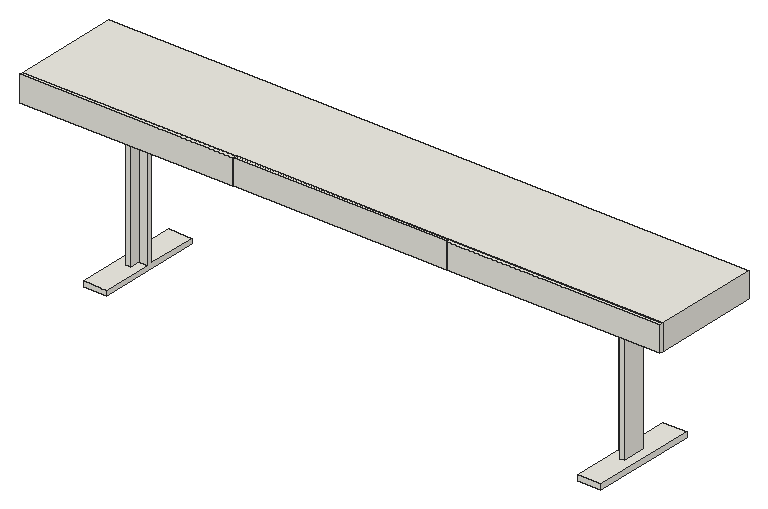
Revit family "Haworth_Luxor_Cabinet_10", category Furniture, Revit 2018
Family settings
  OmniClass Number = 23.40.20.00
  OmniClass Title = General Furniture and Specialties
  Work Plane-Based = No
  Always vertical = Yes
  Cut with Voids When Loaded = No
  Shared = No
  Room Calculation Point = No
Parameters (values of type "HCCE-LX - Three Drawers - 106w 28h")
  Warranty = "http://www.haworth.com/resources/product-info/warranties"
  Version = "3"  # constant formula
  URL - Product = "https://www.haworth.com/na/en/products/bookcases-credenzas/luxor-1.html"
  URL = "http://www.haworth.com/our-brands/haworth-collection"
  Top Height = if(Cabinet, 0' 10", 0' 4 51/256")  # 0' - 4 51/256"
  Size = "Verify Final Dim. w/ Haworth"  # constant formula
  Model = "HCCE-LX"  # constant formula
  Manufacturer = "Haworth"  # constant formula
  Drawer Width = (Actual Width - 2 * 0' 0 5/64") / Drawer Qty  # 2' - 11.36458"
  Drawer Start Location = Drawer Width / 2  # 1' - 5.68229"
  Drawer Qty = if(Two Drawers, 2, 3)  # 3
  Drawer Height = if(Cabinet, 0' 10", 0' 4 51/256")  # 0' - 4 51/256"
  Description = "Haworth Luxor Cabinet 10 - Three Drawers - 106w 28h"
  Console = yes
  Cabinet Finish [instance] = Haworth _ Paint _ Collection White
  Cabinet = not(Console)  # no
  Author = "SHAPE Environments, LLC"  # constant formula
  Assembly Code = "E2020200"
  Three Drawers = yes
  Two Drawers = not(Three Drawers)  # no
  Actual Width = if(Three Drawers, 8' 10 1/4", 5' 10 3/4")  # 8' - 10 1/4"
  Actual Height = if(Console, 2' 4 1/4", 1' 4 1/2")  # 2' - 4 1/4"
  Actual Depth = 1' - 5 3/4"  # constant formula
Types (5): name | Top Height | Drawer Width | Drawer Start Location | Drawer Qty | Drawer Height | Description | Console | Cabinet | Three Drawers | Two Drawers | Actual Width | Actual Height
  (no name) | 0' - 4 51/256" | 2' - 11.36458" | 1' - 5.68229" | 3 | 0' - 4 51/256" | "Haworth Luxor Cabinet 10 - Three Drawers - 106w 28h" | yes | no | yes | no | 8' - 10 1/4" | 2' - 4 1/4"
  HCCE-LX - Two Drawers - 71w 28h | 0' - 4 51/256" | 2' - 11 19/64" | 1' - 5 83/128" | 2 | 0' - 4 51/256" | "Haworth Luxor Cabinet 10 - Two Drawers - 71w 28h" | yes | no | no | yes | 5' - 10 3/4" | 2' - 4 1/4"
  HCCE-LX - Three Drawers - 106w 28h | 0' - 4 51/256" | 2' - 11.36458" | 1' - 5.68229" | 3 | 0' - 4 51/256" | "Haworth Luxor Cabinet 10 - Three Drawers - 106w 28h" | yes | no | yes | no | 8' - 10 1/4" | 2' - 4 1/4"
  HCCE-LX - Two Drawers - 71w 16h | 0' - 10" | 2' - 11 19/64" | 1' - 5 83/128" | 2 | 0' - 10" | "Haworth Luxor Cabinet 10 - Two Drawers - 71w 16h" | no | yes | no | yes | 5' - 10 3/4" | 1' - 4 1/2"
  HCCE-LX - Three Drawers - 106w 16h | 0' - 10" | 2' - 11.36458" | 1' - 5.68229" | 3 | 0' - 10" | "Haworth Luxor Cabinet 10 - Three Drawers - 106w 16h" | no | yes | yes | no | 8' - 10 1/4" | 1' - 4 1/2"
Reference planes (in)
  plane 1 "Center Front/Back": y = 0
  plane 2: z = 0
  plane 3 "Center Left/Right": x = 0
  plane 4: x = 53.125
  plane 5: x = -53.125
  plane 6: y = 8.875
  plane 7: y = -8.875
  plane 8 "Bottom of Console top": z = 24.05078
  plane 9: x = -42.9719
  plane 10: x = 42.9719
  plane 11: x = 39.0349
  plane 12: x = -39.0349
  plane 13: y = 1.6727
  plane 14: y = -1.6727
  plane 15: x = 40.6097
  plane 16: x = 41.37171
  plane 17: x = -41.39749
  plane 18: x = -40.61009
  plane 19: y = 0.3937
  plane 20: y = -0.3937
  plane 21: x = 39.2067
  plane 22: z = 22.67278
  plane 23 "Top": z = 28.25
  plane 24 "left drawer": x = -35.44271
  plane 25 "right drawer": x = 35.44271
  plane 26: y = -9.4656
Forms (in)
  Extrusion 1, solid, material "Haworth _ Paint _ Collection White" <- "Cabinet Finish"
    sketch origin (0, 0, 24.05078) x (-1, 0, 0) y (0, -1, 0)
      loop
        line (53.125, -8.875) -> (53.125, 8.875) -> (-53.125, 8.875) -> (-53.125, -8.875) -> (53.125, -8.875)
    from 0 to 4.19922
Lines and regions (in)
  Masking region 1
    outline origin (0, 0, 28.25) x (-1, 0, 0) y (0, -1, 0)
      loop
        line (53.125, -8.875) -> (53.125, 8.875) -> (-53.125, 8.875) -> (-53.125, -8.875) -> (53.125, -8.875)
  Masking region 2
    outline origin (0, 0, 28.25) x (-1, 0, 0) y (0, -1, 0)
      loop
        line (53.125, -8.875) -> (53.125, 8.875) -> (-53.125, 8.875) -> (-53.125, -8.875) -> (53.125, -8.875)
Dimensions and locks (in)
  "Actual Width": plane 5 to plane 4
  "Actual Depth": plane 6 to plane 7
  equal spacing: plane 5, plane 3 "Center Left/Right", plane 4
  equal spacing: plane 6, plane 1 "Center Front/Back", plane 7
  plane 5 to plane 9 to plane 12 = 0' - 10.1531" locked, 0' - 3.937" locked
  plane 11 to plane 10 to plane 4 = 0' - 3.937" locked, 0' - 10.1531" locked
  plane 14 to plane 7 = 0' - 7.2023"
  plane 6 to plane 13 = 0' - 7.2023"
  locked: plane 11 to plane 15 at 1.5748
  locked: plane 8 "Bottom of Console top" to plane 22 at 1.378
  "Actual Height": plane 23 "Top" to level
  "Drawer Start Location": plane 5 to plane 24 "left drawer"
  "Drawer Start Location": plane 25 "right drawer" to plane 4
  locked: plane 9 to plane 17 at 1.57441
  locked: plane 13 to plane 1 "Center Front/Back" at 1.6727
  locked: plane 18 to plane 12 at 1.57519
  locked: plane 1 "Center Front/Back" to plane 14 at 1.6727
  plane 13 to plane 1 "Center Front/Back" to plane 14 = 0' - 1.6727" locked, 0' - 1.6727" locked
  locked: plane 16 to plane 10 at 1.60019
  locked: plane 21 to plane 10 at 3.7652
  "Top Height": plane 23 "Top" to plane 8 "Bottom of Console top"
  locked: plane 7 to plane 26 at 0.5906
  aligned and locked: level to plane 2
  aligned and locked: Extrusion 1 to plane 7
  aligned and locked: plane 24 "left drawer" to nested 1
  aligned and locked: plane 7 to nested 1
  aligned and locked: plane 25 "right drawer" to nested 2
  aligned and locked: plane 23 "Top" to nested 1
  aligned and locked: plane 23 "Top" to nested 2
  aligned and locked: nested 1 to plane 5
  aligned and locked: plane 4 to nested 2
  aligned and locked: nested 2 to plane 7
  aligned and locked: Extrusion 1 to plane 5
  aligned and locked: plane 4 to Extrusion 1
  aligned and locked: plane 6 to Extrusion 1
  aligned and locked: plane 7 to nested 2
  aligned and locked: plane 23 "Top" to Extrusion 1
  aligned and locked: plane 7 to Masking region 1 sketch curve
  aligned and locked: plane 5 to Masking region 1 sketch curve
  aligned and locked: Masking region 1 sketch curve to plane 6
  aligned and locked: Masking region 1 sketch curve to plane 4
  aligned and locked: plane 8 "Bottom of Console top" to nested 3
  aligned and locked: plane 17 to nested 3
  aligned and locked: nested 3 to plane 16
  aligned and locked: Masking region 2 sketch curve to Extrusion 1  (x2)
  aligned and locked: Masking region 2 sketch curve to nested 2
  aligned and locked: Masking region 2 to plane 7
  aligned and locked: nested 4 to plane 26
  aligned and locked: plane 23 "Top" to nested 4
  aligned and locked: Extrusion 1 to plane 8 "Bottom of Console top"
Automatic sketch dimensions
  plane 4 to Extrusion 1 sketch curve = 0' - 0"
  Extrusion 1 sketch curve to plane 5 = 0' - 0"
  plane 6 to Extrusion 1 sketch curve = 0' - 0"
  Extrusion 1 sketch curve to plane 7 = 0' - 0"
  plane 26 to Masking region 2 sketch curve = 0' - 0.5906"
Nested families (in)
  nested 1: "Luxor Drawer" at (-35.44271, -8.875, 24.05078), Width <- "Drawer Width", Height <- "Drawer Height", Drawer Finish <- "Cabinet Finish", type "Luxor Drawer"
    with Width 2' - 11.36458", Height 0' - 4 51/256", Drawer Finish Haworth _ Paint _ Collection White, Depth 0' - 0.5906"
  nested 2: "Luxor Drawer" at (35.44271, -8.875, 24.05078), Width <- "Drawer Width", Height <- "Drawer Height", Drawer Finish <- "Cabinet Finish", type "Luxor Drawer"
    with Width 2' - 11.36458", Height 0' - 4 51/256", Drawer Finish Haworth _ Paint _ Collection White, Depth 0' - 0.5906"
  nested 3: "Luxor Base" at (-0.01289, 0, 0), Base Finish <- "Cabinet Finish", type "Luxor Base"
    with Legth 6' - 10.7692", Height 2' - 0 13/256", Base Finish Haworth _ Paint _ Collection White
  nested 4: "Luxor Drawer" at (-0.01289, -8.875, 24.05078), Width <- "Drawer Width", Height <- "Drawer Height", Drawer Finish <- "Cabinet Finish", visible <- "Three Drawers", type "Luxor Drawer"
    with Width 2' - 11.36458", Height 0' - 4 51/256", Drawer Finish Haworth _ Paint _ Collection White, Depth 0' - 0.5906"
Definition of nested family "Luxor Drawer"
  Parameters
    Width [instance] = 2' - 11.3606"
    Drawer Finish [instance] = none
    Depth [instance] = 0' - 0.5906"
    Height [instance] = 0' - 4.1999"
  Reference planes (in)
    plane 1 "Center Front/Back": y = 0
    plane 2 "start": z = 0
    plane 3 "Center Left/Right": x = 0
    plane 4: x = -17.6803
    plane 5: x = 17.6803
    plane 6: y = -0.5906
    plane 7 "Top": z = 4.1999
  Forms (in)
    Extrusion 1, solid, material <- "Drawer Finish"
      sketch origin (0, 0, 0) x (1, 0, 0) y (0, 1, 0)
        loop
          line (-17.6803, 0) -> (-17.6803, -0.5906) -> (17.6803, -0.5906) -> (17.6803, 0) -> (-17.6803, 0)
      from 0 to 4.1999
  Lines and regions (in)
    Masking region 1
      outline origin (0, 0, 4.1999) x (-1, 0, 0) y (0, -1, 0)
        loop
          line (17.6803, 0) -> (17.6803, 0.5906) -> (-17.6803, 0.5906) -> (-17.6803, 0) -> (17.6803, 0)
  Dimensions and locks (in)
    equal spacing: plane 4, plane 3 "Center Left/Right", plane 5, locked at 17.6803 each
    plane 1 "Center Front/Back" to plane 6 = 0' - 0.5906"
    "Width": plane 4 to plane 5
    "Height": plane 7 "Top" to level
    "Depth": plane 1 "Center Front/Back" to plane 6
    aligned and locked: level to plane 2 "start"
    aligned and locked: plane 7 "Top" to Extrusion 1
    aligned and locked: Extrusion 1 to plane 6  (x2)
    aligned and locked: Extrusion 1 to plane 4
    aligned and locked: plane 5 to Extrusion 1
    aligned and locked: Extrusion 1 to plane 1 "Center Front/Back"
    aligned and locked: plane 5 to Masking region 1 sketch curve
    aligned and locked: plane 6 to Masking region 1 sketch curve
    aligned and locked: plane 1 "Center Front/Back" to Masking region 1 sketch curve
    aligned and locked: plane 4 to Masking region 1 sketch curve
  Automatic sketch dimensions
    Extrusion 1 sketch curve to plane 4 = 0' - 0"
    Extrusion 1 sketch curve to plane 5 = 0' - 0"
    Extrusion 1 sketch curve to plane 6 = 0' - 0"
    plane 1 "Center Front/Back" to Extrusion 1 sketch curve = 0' - 0"
Definition of nested family "Luxor Base"
  Parameters
    Warranty = "http://haworthcollection.com/hc/about-us/certifications-warranties"
    Version = "1"  # constant formula
    URL Product = "http://www.haworthcollection.com/hc/products/desks-storage/luxor"
    URL = "http://haworthcollection.com/"
    Sustainability Info = "http://www.haworth.com/bottom-nav/company-info/sustainability"
    Size = "Verify Final Dim. w/ Haworth"  # constant formula
    Model = "Luxor"  # constant formula
    Manufacturer = "Haworth"  # constant formula
    Legth [instance] = 6' - 10.58661"
    Height [instance] = 1' - 0.4275"
    Base Finish [instance] = none
    Author = "SHAPE Environments, LLC"  # constant formula
    Assembly Code = "E2020200"
  Reference planes (in)
    plane 1 "Center Front/Back": y = 0
    plane 2: z = 0
    plane 3 "Center Left/Right": x = 0
    plane 4: x = -41.29331
    plane 5: x = 41.29331
    plane 6 "Height": z = 12.4275
    plane 7: x = 39.02953
    plane 8: z = 10.4275
    plane 9: z = 0.78291
  Forms (in)
    Extrusion 1, solid, material <- "Base Finish"
      sketch origin (0, 0, 0) x (1, 0, 0) y (0, 1, 0)
        loop
          line (-42.92717, 8.66047) -> (-42.92717, -9.00016) -> (-39.02953, -9.00016) -> (-39.02953, 8.66047) -> (-42.92717, 8.66047)
      from 0 to 0.78291
    Extrusion 2, solid, material <- "Base Finish"
      sketch origin (0, 0, 0) x (-1, 0, 0) y (0, -1, 0)
        loop
          line (-42.92717, -8.66047) -> (-39.02953, -8.66047) -> (-39.02953, 9.00016) -> (-42.92717, 9.00016) -> (-42.92717, -8.66047)
      from 0 to 0.78291
    Extrusion 3, solid, material <- "Base Finish"
      sketch origin (0, 0, 0) x (1, 0, 0) y (0, 1, 0)
        loop
          line (-41.29331, 1.72012) -> (-41.29331, -2.13835) -> (-40.54331, -2.13835) -> (-40.54331, -0.54386) -> (-39.02953, -0.54386) -> (-39.02953, 0.21608) -> (-40.54331, 0.21608) -> (-40.54331, 1.72012) -> (-41.29331, 1.72012)
      from 0.74009 to 12.4275
    Extrusion 4, solid, material <- "Base Finish"
      sketch origin (0, 0, 0) x (-1, 0, 0) y (0, -1, 0)
        loop
          line (-41.29331, -1.72012) -> (-40.54331, -1.72012) -> (-40.54331, -0.21608) -> (-39.02953, -0.21608) -> (-39.02953, 0.54386) -> (-40.54331, 0.54386) -> (-40.54331, 2.13835) -> (-41.29331, 2.13835) -> (-41.29331, -1.72012)
      from 0.78291 to 12.4275
    Extrusion 5, solid, material <- "Base Finish"
      sketch origin (0, 0, 0) x (1, 0, 0) y (0, 1, 0)
        loop
          line (39.02953, 0.21608) -> (-39.02953, 0.21608) -> (-39.02953, -0.54386) -> (39.02953, -0.54386) -> (39.02953, 0.21608)
      from 10.4275 to 12.4275
  Cuts and joins
    joined: Extrusion 1, Extrusion 2, Extrusion 3, Extrusion 4, Extrusion 5
  Dimensions and locks (in)
    equal spacing: plane 5, plane 3 "Center Left/Right", plane 4
    "Legth": plane 5 to plane 4
    locked: Extrusion 1 to plane 4 at 1.63386
    locked: plane 5 to Extrusion 2 at 1.63386
    locked: Extrusion 2 to Extrusion 2 at 3.89764
    locked: Extrusion 1 to Extrusion 1 at 3.89764
    locked: plane 6 "Height" to plane 8 at 2
    "Height": plane 6 "Height" to plane 2
    aligned and locked: level to plane 2
    aligned and locked: Extrusion 3 sketch curve to plane 4
    aligned and locked: Extrusion 3 sketch curve to Extrusion 1
    aligned and locked: Extrusion 4 to plane 5
    aligned and locked: plane 6 "Height" to Extrusion 3
    aligned and locked: plane 6 "Height" to Extrusion 4
    aligned and locked: Extrusion 5 sketch curve to Extrusion 4
    aligned and locked: Extrusion 5 sketch curve to Extrusion 3
    aligned and locked: Extrusion 5 to Extrusion 3
    aligned and locked: plane 6 "Height" to cut or joined group of Extrusion 1, Extrusion 2, Extrusion 3, Extrusion 4, Extrusion 5
    aligned and locked: cut or joined group of Extrusion 1, Extrusion 2, Extrusion 3, Extrusion 4, Extrusion 5 to plane 6 "Height"  (x3)
    aligned and locked: plane 8 to cut or joined group of Extrusion 1, Extrusion 2, Extrusion 3, Extrusion 4, Extrusion 5
    aligned and locked: cut or joined group of Extrusion 1, Extrusion 2, Extrusion 3, Extrusion 4, Extrusion 5 to level  (x2)
    aligned and locked: plane 9 to cut or joined group of Extrusion 1, Extrusion 2, Extrusion 3, Extrusion 4, Extrusion 5  (x2)
  Automatic sketch dimensions
    Extrusion 1 sketch curve to plane 4 = 0' - 1.63386"
    plane 1 "Center Front/Back" to Extrusion 1 sketch curve = 0' - 9.00016"
    plane 4 to Extrusion 1 sketch curve = 0' - 2.26378"
    Extrusion 1 sketch curve to plane 1 "Center Front/Back" = 0' - 8.66047"
    plane 5 to Extrusion 2 sketch curve = 0' - 1.63386"
    Extrusion 2 sketch curve to plane 1 "Center Front/Back" = 0' - 9.00016"
    Extrusion 2 sketch curve to plane 5 = 0' - 2.26378"
    plane 1 "Center Front/Back" to Extrusion 2 sketch curve = 0' - 8.66047"
    plane 4 to Extrusion 3 sketch curve = 0' - 0 3/4"  (x2)
    plane 1 "Center Front/Back" to Extrusion 3 sketch curve = 0' - 2.13835"
    plane 1 "Center Front/Back" to Extrusion 3 sketch curve = 0' - 0.54386"
    Extrusion 3 sketch curve to plane 1 "Center Front/Back" = 0' - 0.21608"
    Extrusion 3 sketch curve to Extrusion 3 sketch curve = 0' - 1.50404"
    Extrusion 4 sketch curve to plane 5 = 0' - 0"
    Extrusion 4 sketch curve to plane 1 "Center Front/Back" = 0' - 2.13835"
    Extrusion 4 sketch curve to plane 5 = 0' - 0 3/4"  (x2)
    plane 1 "Center Front/Back" to Extrusion 4 sketch curve = 0' - 0.21608"
    Extrusion 4 sketch curve to Extrusion 4 sketch curve = 0' - 1.51378"
    Extrusion 4 sketch curve to plane 1 "Center Front/Back" = 0' - 0.54386"
    Extrusion 4 sketch curve to Extrusion 4 sketch curve = 0' - 1.50404"
    plane 1 "Center Front/Back" to Extrusion 5 sketch curve = 0' - 0.54386"
    Extrusion 5 sketch curve to plane 1 "Center Front/Back" = 0' - 0.21608"
